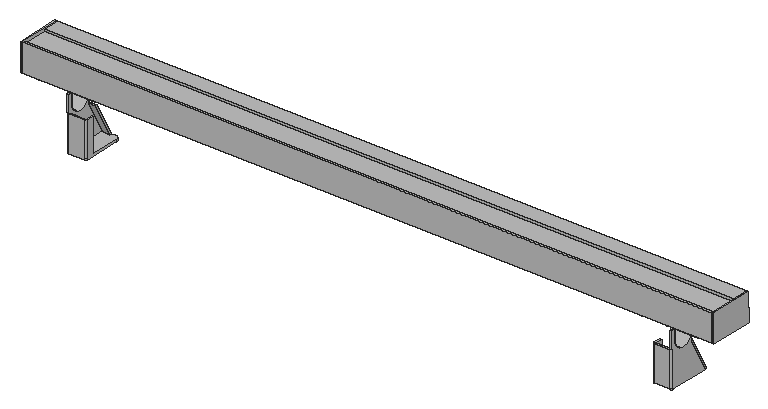
Revit family "4070758+4070747+4070771 Feilo Sylvania Lighting Fixtures CURSUS 876MM 620LM OVAL LED 3K with SINGLE WALL HOUSING with 70MM WALL BRACKET", category Lighting Fixtures, host Face, Revit 2017
Family settings
  Host = Face
  Round Connector Dimension = Use Diameter
  Part Type = Normal
  OmniClass Number = 23.80.70.14
  OmniClass Title = Luminaries for External Lighting
  Cut with Voids When Loaded = Yes
  Light Source = No
  Shared = No
  Room Calculation Point = No
Parameters (values of type "4070758 CURSUS 876MM 620LM OVAL LED 3K")
  Weight = "1.7 kg"
  Wattage Comments = "n/a"
  WarrantyStartDate [instance] = "n/a"
  WarrantyGuarantorParts = "n/a"
  WarrantyDurationUnit = "n/a"
  WarrantyDurationParts = "n/a"
  WarrantyDescription = "n/a"
  Voltage = 24 V
  URL = "http://www.sylvania-lighting.com"
  TypeName = "CURSUS 876MM 620LM OVAL LED 3K"
  TypeFixture_FEILO = CURSUS with SINGLE WALL HOUSING : CURSUS 876MM 620LM OVAL LED 3K
  Type Image = <None>
  Type Comments = "n/a"
  TiltAngle [instance] = 0.00°
  StartAngle [instance] = TiltAngle + 270.00°  # 270.00°
  SerialNumber [instance] = "n/a"
  ReflectorMaterial = none
  PowerFactor = 0
  PowerConsumption = "13.5 W"
  NominalLength = 876 mm
  NominalHeight = 50 mm
  NominalDepth = 30 mm
  Name = "CURSUS 876MM 620LM OVAL LED 3K"
  ModelReference = Name  # "CURSUS 876MM 620LM OVAL LED 3K"
  ModelNumber = "4070758"
  Model = Name  # "CURSUS 876MM 620LM OVAL LED 3K"
  Material = "natural anodised extruded aluminium structure housing, optical system with pmma lenses diffuser"
  ManufacturerName = "Feilo Sylvania"
  Manufacturer = "Feilo Sylvania"
  LuminousEfficacy = "45.92 lm/W"
  LuminaireType = ""
  LightOutputRatio = "100"
  LampsType = Lamp  # "LED"
  LampNominalLuminous = "620 lm"
  LampMacAdamStep = "n/a"
  LampColourTemperature = "3000 K"
  LampColourRenderingIndex = "80"
  Lamp = "LED"
  Keynote = "16500"
  InstallationDate [instance] = "n/a"
  InputVoltage = "24V DC"
  InputNominalFrequency = "50/60 Hz"
  IngressProtection = "IP67"
  ImpactProtectionIndex = "IK07"
  IfcExportType = "IfcLightFixtureType"
  IfcExportAs = "IfcLightFixtureType"
  ExpectedLife = 50000
  EndAngle [instance] = StartAngle - 180.00°  # 90.00°
  ElectricShockClassification = "Class III"
  DurationUnit = "hours"
  DocumentationLiterature = "http://www.sylvania-lighting.com/product/en-int/products/4070758"
  DimmingControlOptions = "n/a"
  DiffuserMaterial = Diffuser-Sylvania-Glow
  Description = "LED Exterior Lighting Recessed Surface Mounted Linear Fixture, Natural anodised extruded aluminium structure. Die-cast aluminium end caps. Installation kit with harmonic steel springs., 620 lm, 13,5W, 45lm/W, 3000K, CRI80+,non dimmable,IP67, IK07, (HxWxD) 876x50x30mm, 3 step Mac Adam Ellipse, 1.7kg,, Classe III, 21-25V-DC, energy class : A++, A+, A"
  Default Elevation = 1219.2 mm
  CreatedOn = "1/8/2018"
  CreatedBy = ""
  Cost = 0
  built-in parameter 1114216 [instance] = (empty or 0)
  ClassificationValue = "EF_70_80"
  ClassificationName = "Uniclass2015"
  BracketWidth = 24 mm
  BracketThickness = 2 mm
  BracketHeightEnd = 32 mm
  BracketHeight = 55 mm
  BracketFlange = BracketHeight / 5  # 11 mm
  BracketExtension = 70 mm
  BracketEndReduction = 25 mm
  BracketC = 22 mm  # constant formula
  BracketDistance = 745 mm
  BracketD = BracketHeightEnd - (BracketC * (BracketHeight - BracketHeightEnd) / (BracketExtension - BracketEndReduction))  # 20.756 mm
  BodyMaterial = Body-Sylvania-Gray
  BarCode [instance] = "n/a"
  AssetType = "Fixed"
  AssetIdentifier [instance] = "n/a"
  Assembly Code = "D5020200"
  Apparent Load = 13.5 VA
  AccessoryMaterial = Diffuser-Sylvania-Glow
Reference planes
  plane 1 "Center (Front/Back)": y = 0
  plane 2: z = 0
  plane 3 "Center (Left/Right)": x = 0
  plane 4: x = -384.5
  plane 5: x = 384.5
  plane 6: y = 55
  plane 7: x = -360.5
  plane 8: x = 360.5
  plane 9: z = 70
  plane 10: z = 56
  plane 11: z = 2
  plane 12: z = 45
  plane 13: x = -382.5
  plane 14: y = 53
  plane 15: y = 2
  plane 16: x = -362.5
  plane 17: x = 362.5
  plane 18: x = 382.5
  plane 19: x = -372.5
  plane 20: x = 372.5
  plane 21: y = 11
  plane 22: y = 32
  plane 23: y = 30
  plane 24: z = 67
  plane 25: y = 20.756
  plane 26: y = 16
Forms (mm)
  Blend 1, solid, material "Body-Sylvania-Gray" <- "BodyMaterial"
    base sketch origin (1223.4, -4572, 2) x (0, -1, 0) y (1, 0, 0)
      loop
        line (-4625, -1595.9) -> (-4627, -1595.9) -> (-4627, -1605.9)
        arc (-4627, -1605.9) -> (-4626.414, -1607.314) -> (-4625, -1607.9) r 2
        line (-4625, -1607.9) -> (-4574, -1607.9)
        arc (-4574, -1607.9) -> (-4572.586, -1607.314) -> (-4572, -1605.9) r 2
        line (-4572, -1605.9) -> (-4572, -1585.9)
        arc (-4572, -1585.9) -> (-4572.586, -1584.486) -> (-4574, -1583.9) r 2
        line (-4574, -1583.9) -> (-4583, -1583.9) -> (-4583, -1585.9) -> (-4574, -1585.9) -> (-4574, -1605.9) -> (-4625, -1605.9) -> (-4625, -1595.9)
    top sketch origin (1223.4, -4572, 2) x (0, -1, 0) y (1, 0, 0)
      loop
        line (-4583, -1585.9) -> (-4574, -1585.9) -> (-4574, -1605.9) -> (-4602, -1605.9) -> (-4602, -1595.9) -> (-4604, -1595.9) -> (-4604, -1605.9)
        arc (-4604, -1605.9) -> (-4603.52, -1607.21) -> (-4602.309, -1607.9) r 2.028
        line (-4602.309, -1607.9) -> (-4574, -1607.9)
        arc (-4574, -1607.9) -> (-4572.586, -1607.314) -> (-4572, -1605.9) r 2
        line (-4572, -1605.9) -> (-4572, -1585.9)
        arc (-4572, -1585.9) -> (-4572.586, -1584.486) -> (-4574, -1583.9) r 2
        line (-4574, -1583.9) -> (-4583, -1583.9) -> (-4583, -1585.9)
    from 0 to 43
  Extrusion 2, solid, material "Body-Sylvania-Gray" <- "BodyMaterial"
    sketch origin (0, 0, 0) x (1, 0, 0) y (0, 1, 0)
      loop
        arc (-382.5, 55) -> (-383.914, 54.414) -> (-384.5, 53) r 2
        line (-384.5, 53) -> (-384.5, 2)
        arc (-384.5, 2) -> (-383.914, 0.586) -> (-382.5, 0) r 2
        line (-382.5, 0) -> (-362.5, 0)
        arc (-362.5, 0) -> (-361.086, 0.586) -> (-360.5, 2) r 2
        line (-360.5, 2) -> (-360.5, 47.5)
        arc (-360.5, 47.5) -> (-362.697, 52.803) -> (-368, 55) r 7.5
        line (-368, 55) -> (-382.5, 55)
      loop
        line (382.5, 55) -> (368, 55)
        arc (368, 55) -> (362.697, 52.803) -> (360.5, 47.5) r 7.5
        line (360.5, 47.5) -> (360.5, 2)
        arc (360.5, 2) -> (361.086, 0.586) -> (362.5, 0) r 2
        line (362.5, 0) -> (382.5, 0)
        arc (382.5, 0) -> (383.914, 0.586) -> (384.5, 2) r 2
        line (384.5, 2) -> (384.5, 53)
        arc (384.5, 53) -> (383.914, 54.414) -> (382.5, 55) r 2
    from 0 to 2
  Blend 3, solid, material "Body-Sylvania-Gray" <- "BodyMaterial"
    base sketch origin (1223.4, -4572, 2) x (0, -1, 0) y (1, 0, 0)
      loop
        line (-4625, -840.9) -> (-4574, -840.9) -> (-4574, -860.9) -> (-4583, -860.9) -> (-4583, -862.9) -> (-4574, -862.9)
        arc (-4574, -862.9) -> (-4572.586, -862.314) -> (-4572, -860.9) r 2
        line (-4572, -860.9) -> (-4572, -840.9)
        arc (-4572, -840.9) -> (-4572.586, -839.486) -> (-4574, -838.9) r 2
        line (-4574, -838.9) -> (-4625, -838.9)
        arc (-4625, -838.9) -> (-4626.414, -839.486) -> (-4627, -840.9) r 2
        line (-4627, -840.9) -> (-4627, -850.9) -> (-4625, -850.9) -> (-4625, -840.9)
    top sketch origin (1223.4, -4572, 2) x (0, -1, 0) y (1, 0, 0)
      loop
        line (-4602, -850.9) -> (-4602, -840.9) -> (-4574, -840.9) -> (-4574, -860.9) -> (-4583, -860.9) -> (-4583, -862.9) -> (-4574, -862.9)
        arc (-4574, -862.9) -> (-4572.586, -862.314) -> (-4572, -860.9) r 2
        line (-4572, -860.9) -> (-4572, -840.9)
        arc (-4572, -840.9) -> (-4572.586, -839.486) -> (-4574, -838.9) r 2
        line (-4574, -838.9) -> (-4602, -838.9)
        arc (-4602, -838.9) -> (-4603.414, -839.486) -> (-4604, -840.9) r 2
        line (-4604, -840.9) -> (-4604, -850.9) -> (-4602, -850.9)
    from 0 to 43
  Blend 4, solid, material "Body-Sylvania-Gray" <- "BodyMaterial"
    base sketch origin (1223.4, -4572, 45) x (0, -1, 0) y (1, 0, 0)
      loop
        line (-4604, -1607.9) -> (-4572, -1607.9) -> (-4572, -1605.9) -> (-4604, -1605.9) -> (-4604, -1607.9)
    top sketch origin (1223.4, -4572, 45) x (0, -1, 0) y (1, 0, 0)
      loop
        line (-4572, -1607.9) -> (-4572, -1605.9) -> (-4592.756, -1605.9) -> (-4592.756, -1607.9) -> (-4572, -1607.9)
    from 0 to 22
  Blend 5, solid, material "Body-Sylvania-Gray" <- "BodyMaterial"
    base sketch origin (1223.4, -4572, 45) x (0, -1, 0) y (1, 0, 0)
      loop
        line (-4604, -840.9) -> (-4572, -840.9) -> (-4572, -838.9) -> (-4604, -838.9) -> (-4604, -840.9)
    top sketch origin (1223.4, -4572, 45) x (0, -1, 0) y (1, 0, 0)
      loop
        line (-4572, -838.9) -> (-4592.756, -838.9) -> (-4592.756, -840.9) -> (-4572, -840.9) -> (-4572, -838.9)
    from 0 to 22
  Extrusion 6, void
    sketch origin (0, 0, 0) x (0, 1, 0) y (0, 0, 1)
      loop
        line (0, 45) -> (2, 45) -> (2, 46.5) -> (0, 46.5) -> (0, 45)
      loop
        line (32, 45) -> (32, 46.5) -> (30, 46.5) -> (30, 45) -> (32, 45)
    from -384.5 to 384.5
  Revolve 7, solid, not visible
    sketch origin (1524, 16, 1219.2) x (1, 0, 0) y (0, 0, 1)
      loop
        line (-1524, -1152.2) -> (-1524, -1163.2) -> (-1151.5, -1163.2) -> (-1151.5, -1152.2) -> (-1524, -1152.2)
      axis (-1151.5, -1163.2) -> (-1524, -1163.2)
    angle from 270 <- "StartAngle" to 90 <- "EndAngle"
Cuts and joins
  Extrusion 6 cuts Blend 4
  Extrusion 6 cuts Blend 5
  joined: Blend 1, Extrusion 2, Blend 3, Blend 4, Blend 5
Lines and regions (mm)
  reference lines, not visible
    curve 1: line (-360.5, 16, 56) -> (360.5, 16, 56)
Dimensions and locks
  equal spacing: plane 4, plane 3 "Center (Left/Right)", plane 5
  "BracketDistance": plane 19 to plane 20
  "BracketHeight": plane 1 "Center (Front/Back)" to plane 6
  equal spacing: plane 7, plane 3 "Center (Left/Right)", plane 8
  "BracketWidth": plane 4 to plane 7
  "BracketExtension": plane 9 to plane 2
  "BracketThickness": plane 11 to plane 2
  "BracketEndReduction": plane 9 to plane 12
  equal spacing: plane 13, plane 3 "Center (Left/Right)", plane 18
  equal spacing: plane 16, plane 3 "Center (Left/Right)", plane 17
  "BracketThickness": plane 4 to plane 13
  "BracketThickness": plane 16 to plane 7
  "BracketThickness": plane 14 to plane 6
  "BracketThickness": plane 1 "Center (Front/Back)" to plane 15
  equal spacing: plane 4, plane 19, plane 7
  equal spacing: plane 8, plane 20, plane 5
  "BracketFlange": plane 1 "Center (Front/Back)" to plane 21
  "BracketHeightEnd": plane 1 "Center (Front/Back)" to plane 22
  "BracketThickness": plane 23 to plane 22
  locked: Extrusion 2 sketch curve to plane 7 at 7.5
  locked: Extrusion 2 sketch curve to plane 6 at 7.5  (x2)
  locked: plane 8 to Extrusion 2 sketch curve at 7.5
  "BracketC": plane 24 to plane 12
  "BracketD": plane 1 "Center (Front/Back)" to plane 25
  locked: plane 12 to Extrusion 6 sketch curve at 1.5
  equal spacing: plane 24, plane 10, plane 12
  equal spacing: plane 1 "Center (Front/Back)", plane 26, plane 22
  aligned and locked: plane 2 to host face
  aligned and locked: level to host face
  aligned and locked: plane 4 to Blend 1 sketch curve  (x2)
  aligned and locked: plane 13 to Blend 1 sketch curve  (x3)
  aligned and locked: Blend 1 sketch curve to plane 15
  aligned and locked: Blend 1 sketch curve to plane 16
  aligned and locked: Blend 1 sketch curve to plane 21
  aligned and locked: plane 7 to Blend 1 sketch curve
  aligned and locked: plane 16 to Blend 1 sketch curve
  aligned and locked: plane 1 "Center (Front/Back)" to Blend 1 sketch curve
  aligned and locked: plane 14 to Blend 1 sketch curve
  aligned and locked: Blend 1 sketch curve to var sketch  (x6)
  aligned and locked: Blend 1 sketch curve to plane 19
  aligned and locked: Blend 1 sketch curve to plane 22
  aligned and locked: plane 23 to Blend 1 sketch curve
  aligned and locked: plane 11 to Blend 1
  aligned and locked: Extrusion 2 sketch curve to Blend 1  (x3)
  aligned and locked: Extrusion 2 to level
  aligned and locked: Extrusion 2 to plane 11
  aligned and locked: Extrusion 2 sketch curve to plane 7
  aligned and locked: plane 18 to Blend 3 sketch curve  (x4)
  aligned and locked: plane 14 to Blend 3 sketch curve  (x2)
  aligned and locked: Blend 3 sketch curve to plane 20
  aligned and locked: Blend 3 sketch curve to plane 6
  aligned and locked: plane 5 to Blend 3 sketch curve
  aligned and locked: plane 1 "Center (Front/Back)" to Blend 3 sketch curve
  aligned and locked: plane 15 to Blend 3 sketch curve  (x2)
  aligned and locked: Blend 3 sketch curve to plane 8
  aligned and locked: Blend 3 sketch curve to plane 21
  aligned and locked: plane 17 to Blend 3 sketch curve
  aligned and locked: Blend 3 sketch curve to plane 18
  aligned and locked: plane 20 to Blend 3 sketch curve  (x2)
  aligned and locked: Blend 3 sketch curve to plane 23
  aligned and locked: Blend 3 sketch curve to var sketch  (x8)
  aligned and locked: var sketch to Blend 3 sketch curve
  aligned and locked: plane 22 to Blend 3 sketch curve
  aligned and locked: plane 11 to Blend 3
  aligned and locked: Extrusion 2 sketch curve to Blend 3  (x4)
  aligned and locked: Blend 1 to plane 12
  aligned and locked: Blend 3 to plane 12
  aligned and locked: Blend 4 sketch curve to plane 22
  aligned and locked: Blend 4 sketch curve to cut or joined group of Blend 1, Extrusion 2, Blend 3, Blend 4, Blend 5, Extrusion 6  (x2)
  aligned and locked: cut or joined group of Blend 1, Extrusion 2, Blend 3, Blend 4, Blend 5, Extrusion 6 to Blend 4 sketch curve
  aligned and locked: Blend 4 sketch curve to var sketch  (x2)
  aligned and locked: Blend 4 sketch curve to plane 13
  aligned and locked: Blend 4 to plane 24
  aligned and locked: Blend 4 sketch curve to plane 25
  aligned and locked: Blend 5 sketch curve to plane 18  (x2)
  aligned and locked: plane 1 "Center (Front/Back)" to Blend 5 sketch curve
  aligned and locked: plane 5 to Blend 5 sketch curve
  aligned and locked: plane 22 to Blend 5 sketch curve
  aligned and locked: Blend 5 sketch curve to var sketch
  aligned and locked: var sketch to Blend 5 sketch curve
  aligned and locked: Blend 5 sketch curve to plane 25
  aligned and locked: Blend 5 to plane 24
  aligned and locked: plane 12 to Blend 5
  aligned and locked: Extrusion 6 sketch curve to cut or joined group of Blend 1, Extrusion 2, Blend 3, Blend 4, Blend 5, Extrusion 6  (x2)
  aligned and locked: Extrusion 6 sketch curve to Extrusion 6 sketch curve
  aligned and locked: Extrusion 6 sketch curve to plane 15
  aligned and locked: plane 5 to Extrusion 6
  aligned and locked: Extrusion 6 to plane 4
  aligned and locked: Extrusion 6 sketch curve to plane 23
  aligned and locked: Revolve 7 sketch curve to plane 10  (x2)
  aligned and locked: plane 24 to Revolve 7 sketch curve
  aligned and locked: plane 3 "Center (Left/Right)" to Revolve 7 sketch curve
  aligned and locked: Revolve 7 sketch curve to plane 20
  aligned and locked: plane 7 to curve 1
  aligned and locked: plane 10 to curve 1
  aligned and locked: nested 1 to plane 5
  aligned and locked: nested 2 to plane 4
  aligned and locked: nested 1 to curve 1
  aligned and locked: nested 2 to curve 1
  aligned and locked: nested 1 to nested 3
  aligned and locked: nested 3 to plane 3 "Center (Left/Right)"
Automatic sketch dimensions
  host sketch curve to host sketch curve = 2438.4 mm  (x2)
  Blend 1 sketch curve to plane 13 = 0 mm
  plane 15 to Blend 1 sketch curve = 0 mm  (x3)
  Blend 1 sketch curve to plane 23 = 0.309 mm
  plane 6 to Blend 1 sketch curve = 0 mm
  plane 14 to Blend 1 sketch curve = 0 mm
  Blend 1 sketch curve to plane 19 = 0 mm
  Blend 3 sketch curve to plane 17 = 0 mm
  Extrusion 6 sketch curve to plane 1 "Center (Front/Back)" = 0 mm
  plane 12 to Extrusion 6 sketch curve = 0 mm
  Revolve 7 sketch curve to plane 4 = 1153 mm
  plane 5 to Revolve 7 sketch curve = 1161.4 mm
  curve 1 to plane 8 = 0 mm
Nested families
  nested 1: "MountingPlate" at (383.5, 16, 56) x (-1, 0, 0) z (0, 0, 1), type "MountingPlate"
  nested 2: "MountingPlate" at (-383.5, 16, 56) x (-1, 0, 0) z (0, 0, 1), type "MountingPlate"
  nested 3: "CURSUS with SINGLE WALL HOUSING" at (0, -4, 74) x (-1, 0, 0) z (0, 0, 1), type <- "TypeFixture_FEILO", type "CURSUS 876MM 620LM OVAL LED 3K"
    with WarrantyStartDate "n/a", SerialNumber "n/a", InstallationDate "n/a", EndCapRight yes, EndCapLeft yes, built-in parameter 1114216 (empty or 0), BarCode "n/a", AssetIdentifier "n/a"
Connectors
  electrical at (0, 0, 0), driven by "Voltage", driven by "Apparent Load", driven by "PowerFactor"
    settings: index 1, voltage 24 V, apparent load 13.5 VA, apparent load phase1 0 VA, apparent load phase2 0 VA, apparent load phase3 0 VA, power factor 0, load classification "Other", number of poles 1, system type 30, power factor state 1, is connector primary yes, connector utility no, sub classification motor no, connector description ""
Definition of nested family "MountingPlate"
  Parameters (values of type "MountingPlate")
    URL = "http://www.feilosylvania.com"
    Type Comments = "n/a"
    ReflectorMaterial = none
    MountingPlateWidth = 76 mm
    MountingPlateThickness = 2 mm
    MountingPlateRadiusBack = 12 mm
    MountingPlateRadius = 3 mm
    MountingPlateHeight = 35 mm
    Model = "n/a"
    Manufacturer = "Feilo Sylvania"
    Keynote = "n/a"
    DiffuserMaterial = none
    Description = "n/a"
    Default Elevation = 1219.2 mm
    Cost = 0
    BodyMaterial = none
    Assembly Code = "n/a"
    AccessoryMaterial = none
  Reference planes
    plane 1 "Center (Front/Back)": y = 0
    plane 2: z = 0
    plane 3 "Center (Left/Right)": x = 0
    plane 4: x = -38
    plane 5: x = 38
    plane 6: y = 17.5
    plane 7: y = -17.5
    plane 8: x = -3
    plane 9: x = 3
    plane 10: z = 18
    plane 11: z = 16
    plane 12: y = 12.5
    plane 13: y = -12.5
    plane 14: x = -1
    plane 15: x = 1
    plane 16: z = -12.5
    plane 17: z = -14.5
  Forms (mm)
    Extrusion 1, solid
      sketch origin (1.653, 0, 0) x (1, 0, 0) y (0, 1, 0)
        loop
          line (-1219.2, 1219.2) -> (-1219.2, -1219.2) -> (1219.2, -1219.2) -> (1219.2, 1219.2) -> (-1219.2, 1219.2)
      from 0 to -304.8
    Extrusion 2, solid, material <- "BodyMaterial"
      sketch origin (1218.4, -4572, 16) x (0, -1, 0) y (-1, 0, 0)
        loop
          line (-4589.5, 1253.4) -> (-4589.5, 1224.4)
          arc (-4589.5, 1224.4) -> (-4588.621, 1222.279) -> (-4586.5, 1221.4) r 3
          line (-4586.5, 1221.4) -> (-4557.5, 1221.4)
          arc (-4557.5, 1221.4) -> (-4555.379, 1222.279) -> (-4554.5, 1224.4) r 3
          line (-4554.5, 1224.4) -> (-4554.5, 1253.4)
          arc (-4554.5, 1253.4) -> (-4555.379, 1255.521) -> (-4557.5, 1256.4) r 3
          line (-4557.5, 1256.4) -> (-4586.5, 1256.4)
          arc (-4586.5, 1256.4) -> (-4588.621, 1255.521) -> (-4589.5, 1253.4) r 3
        loop
          arc (-4589.5, 1183.4) -> (-4588.621, 1181.279) -> (-4586.5, 1180.4) r 3
          line (-4586.5, 1180.4) -> (-4557.5, 1180.4)
          arc (-4557.5, 1180.4) -> (-4555.379, 1181.279) -> (-4554.5, 1183.4) r 3
          line (-4554.5, 1183.4) -> (-4554.5, 1212.4)
          arc (-4554.5, 1212.4) -> (-4555.379, 1214.521) -> (-4557.5, 1215.4) r 3
          line (-4557.5, 1215.4) -> (-4586.5, 1215.4)
          arc (-4586.5, 1215.4) -> (-4588.621, 1214.521) -> (-4589.5, 1212.4) r 3
          line (-4589.5, 1212.4) -> (-4589.5, 1183.4)
      from 0 to -2
    Extrusion 3, solid, material <- "BodyMaterial"
      sketch origin (0, 0, 0) x (1, 0, 0) y (0, 0, 1)
        loop
          line (-3, 18) -> (-3, -12.5) -> (-1, -12.5) -> (-1, 16)
          arc (-1, 16) -> (-1.586, 17.414) -> (-3, 18) r 2
        loop
          line (3, -12.5) -> (3, 18)
          arc (3, 18) -> (1.586, 17.414) -> (1, 16) r 2
          line (1, 16) -> (1, -12.5) -> (3, -12.5)
      from -12.5 to 12.5
    Extrusion 4, void
      sketch origin (0, 0, 0) x (0, 1, 0) y (0, 0, 1)
        loop
          line (-12.5, -0.5) -> (-17.5, -0.5) -> (-17.5, -14.5) -> (-0.5, -14.5) -> (-0.5, -12.5)
          arc (-0.5, -12.5) -> (-8.985, -8.985) -> (-12.5, -0.5) r 12
        loop
          line (0.5, -12.5) -> (0.5, -14.5) -> (17.5, -14.5) -> (17.5, -0.5) -> (12.5, -0.5)
          arc (12.5, -0.5) -> (8.985, -8.985) -> (0.5, -12.5) r 12
      from -3 to 3
  Cuts and joins
    Extrusion 4 cuts Extrusion 2
    Extrusion 4 cuts Extrusion 3
    joined: Extrusion 2, Extrusion 3
  Lines and regions (mm)
    reference lines
      curve 1: line (-38, 0, 0) -> (38, 0, 0)
  Dimensions and locks
    equal spacing: plane 4, plane 3 "Center (Left/Right)", plane 5
    "MountingPlateWidth": plane 4 to plane 5
    equal spacing: plane 7, plane 1 "Center (Front/Back)", plane 6
    "MountingPlateHeight": plane 7 to plane 6
    equal spacing: plane 8, plane 3 "Center (Left/Right)", plane 9
    "MountingPlateHeight": plane 4 to plane 8
    locked: plane 10 to plane 2 at 18
    "MountingPlateThickness": plane 10 to plane 11
    equal spacing: plane 13, plane 1 "Center (Front/Back)", plane 12
    locked: plane 13 to plane 12 at 25
    "MountingPlateRadius": plane 4 to Extrusion 2 sketch curve  (x2)
    "MountingPlateRadius": Extrusion 2 sketch curve to plane 6  (x4)
    "MountingPlateRadius": Extrusion 2 sketch curve to plane 8  (x2)
    "MountingPlateRadius": plane 7 to Extrusion 2 sketch curve  (x4)
    "MountingPlateRadius": plane 9 to Extrusion 2 sketch curve  (x2)
    "MountingPlateRadius": Extrusion 2 sketch curve to plane 5  (x2)
    equal spacing: plane 15, plane 3 "Center (Left/Right)", plane 14
    "MountingPlateThickness": plane 14 to plane 8
    locked: plane 2 to plane 16 at 12.5
    locked: plane 17 to plane 16 at 2
    "MountingPlateRadiusBack": plane 13 to Extrusion 4 sketch curve
    "MountingPlateRadiusBack": plane 16 to Extrusion 4 sketch curve  (x2)
    "MountingPlateRadiusBack": Extrusion 4 sketch curve to plane 12
    aligned and locked: plane 2 to Extrusion 1
    aligned and locked: level to Extrusion 1
    aligned and locked: Extrusion 2 sketch curve to plane 6
    aligned and locked: Extrusion 2 sketch curve to plane 4
    aligned and locked: plane 7 to Extrusion 2 sketch curve
    aligned and locked: plane 8 to Extrusion 2 sketch curve
    aligned and locked: plane 6 to Extrusion 2 sketch curve
    aligned and locked: Extrusion 2 sketch curve to plane 5
    aligned and locked: Extrusion 2 sketch curve to plane 7
    aligned and locked: plane 9 to Extrusion 2 sketch curve
    aligned and locked: Extrusion 2 to plane 10
    aligned and locked: plane 11 to Extrusion 2
    aligned and locked: Extrusion 3 sketch curve to Extrusion 2  (x2)
    aligned and locked: plane 16 to Extrusion 3 sketch curve  (x2)
    aligned and locked: plane 14 to Extrusion 3 sketch curve
    aligned and locked: plane 9 to Extrusion 3 sketch curve
    aligned and locked: plane 15 to Extrusion 3 sketch curve
    aligned and locked: Extrusion 3 to plane 12
    aligned and locked: plane 13 to Extrusion 3
    aligned and locked: plane 17 to Extrusion 4 sketch curve  (x2)
    aligned and locked: Extrusion 4 sketch curve to plane 7
    aligned and locked: Extrusion 4 sketch curve to plane 6
    aligned and locked: plane 9 to Extrusion 4
    aligned and locked: Extrusion 4 to plane 8
    aligned and locked: plane 4 to curve 1
    aligned and locked: curve 1 to level
  Automatic sketch dimensions
    Extrusion 1 sketch curve to Extrusion 1 sketch curve = 2438.4 mm  (x2)
    Extrusion 3 sketch curve to plane 11 = 0 mm
    curve 1 to plane 5 = 0 mm
    Extrusion 4 sketch curve to plane 13 = 0 mm
    Extrusion 4 sketch curve to plane 12 = 0 mm
Definition of nested family "CURSUS with SINGLE WALL HOUSING"
  Parameters (values of type "CURSUS 1161MM 827LM OVAL LED 3K")
    Width_FEILO = 35 mm
    Weight = "2.2 kg"
    Wattage Comments = "n/a"
    Wattage = 18 W
    WarrantyStartDate [instance] = "n/a"
    WarrantyGuarantorParts = "n/a"
    WarrantyDurationUnit = "n/a"
    WarrantyDurationParts = "n/a"
    WarrantyDescription = "n/a"
    WallThickness_FEILO = 2.5 mm
    built-in parameter 1150110 = 1 (stored number, unit not read)
    Voltage = 24 V
    URL = "http://www.feilosylvania.com"
    TypeName = "CURSUS 1161MM 827LM OVAL LED 3K"
    Type Image = (empty or 0)
    Type Comments = "n/a"
    built-in parameter 1114217 = 1 (stored number, unit not read)
    Tilt Angle = -90.00°
    built-in parameter 1150109 = 1 (stored number, unit not read)
    built-in parameter 1150134 = (empty or 0)
    built-in parameter 1150113 = 1 (stored number, unit not read)
    SerialNumber [instance] = "n/a"
    ReflectorMaterial = none
    PowerFactor = 0
    PowerConsumption = "18 W"
    Photometric Web File = "4070765.ies"
    NominalLength = 1161 mm
    NominalHeight = 50 mm
    NominalDepth = 30 mm
    Name = "CURSUS 1161MM 827LM OVAL LED 3K"
    ModelReference = Name  # "CURSUS 1161MM 827LM OVAL LED 3K"
    ModelNumber = ""
    Model = Name  # "CURSUS 1161MM 827LM OVAL LED 3K"
    Material = "natural anodised extruded aluminium structure housing, optical system with pmma lenses diffuser"
    ManufacturerName = "Feilo Sylvania"
    Manufacturer = "Feilo Sylvania"
    LuminousEfficacy = "45.94 lm/W"
    built-in parameter 1150105 = 1166.5 (stored number, unit not read)
    Lumens = 827 lm
    LuminaireType = ""
    built-in parameter 1150115 = 1 (stored number, unit not read)
    LightOutputRatio = "100"
    built-in parameter 1150137 = (empty or 0)
    built-in parameter 1150139 = (empty or 0)
    Length_FEILO = 1167 mm
    LampsType = Lamp  # "LED"
    LampNominalLuminous = "827 lm"
    LampMacAdamStep = "n/a"
    LampColourTemperature = "3000 K"
    LampColourRenderingIndex = "80"
    built-in parameter 1150112 = 1 (stored number, unit not read)
    built-in parameter 1150114 = 1 (stored number, unit not read)
    Lamp = "LED"
    Keynote = "16500"
    InstallationDate [instance] = "n/a"
    InputVoltage = "24V DC"
    InputNominalFrequency = "n/a"
    built-in parameter 1150132 = (empty or 0)
    built-in parameter 1150102 = (empty or 0)
    built-in parameter 1150107 = 3000 (stored number, unit not read)
    built-in parameter 1150138 = (empty or 0)
    IngressProtection = "IP67"
    ImpactProtectionIndex = "IK07"
    built-in parameter 1150106 = 11.665 (stored number, unit not read)
    IfcExportType = "IfcLightFixtureType"
    IfcExportAs = "IfcLightFixtureType"
    ExpectedLife = 50000
    EndCapRight [instance] = yes
    EndCapLeft [instance] = yes
    Emit from Rectangle Width = Width_FEILO - WallThickness_FEILO * 2  # 30 mm
    Emit from Rectangle Length = Length_FEILO - WallThickness_FEILO * 2  # 1162 mm
    Emit Shape Visible in Rendering = no
    ElectricShockClassification = "Class III"
    built-in parameter 1150104 = 4.2684 (stored number, unit not read)
    DurationUnit = "hours"
    DocumentationLiterature = "http://www.feilosylvania.com/product/en-int/products/4070765"
    DimmingControlOptions = "n/a"
    Dimming Lamp Color Temperature Shift = (empty or 0)
    DiffuserMaterial = none
    Description = "LED Exterior Lighting Recessed Surface Mounted Linear Fixture, Natural anodised extruded aluminium structure. Die-cast aluminium end caps. Installation kit with harmonic steel springs., 827 lm, 18W, 45lm/W, 3000K, CRI80+,non dimmable,IP67, IK07, (HxWxD) 1161x50x30mm, 3 step Mac Adam Ellipse, 2.2kg,, Classe III, 21-25V-DC, energy class : A++, A+, A"
    Default Elevation = 1219.2 mm
    CreatedOn = "1/8/2018"
    CreatedBy = "aron.fodor@feilosylvania.com"
    Cost = 0
    Color Filter = 16777215
    built-in parameter 1114216 [instance] = (empty or 0)
    ClassificationValue = "EF_70_80"
    ClassificationName = "Uniclass2015"
    BodyMaterial = none
    BarCode [instance] = "n/a"
    built-in parameter 1114218 = 1 (stored number, unit not read)
    built-in parameter 1150133 = 10 (stored number, unit not read)
    AssetType = "Fixed"
    AssetIdentifier [instance] = "n/a"
    Assembly Code = "D5020200"
    Apparent Load = 18 VA
    AccessoryMaterial = none
  Types (16, lengths in mm): name | Weight | Wattage | Voltage | TypeName | built-in parameter 1150134 | PowerConsumption | Photometric Web File | NominalLength | Name | ModelReference | Model | Material | LuminousEfficacy | built-in parameter 1150105 | Lumens | Length_FEILO | LampNominalLuminous | LampColourTemperature | InputVoltage | InputNominalFrequency | built-in parameter 1150107 | built-in parameter 1150106 | Emit from Rectangle Length | built-in parameter 1150104 | DocumentationLiterature | Description | Apparent Load
    CURSUS 1161MM 827LM OVAL LED 3K | "2.2 kg" | 18 W | 24 V | "CURSUS 1161MM 827LM OVAL LED 3K" | (empty or 0) | "18 W" | "4070765.ies" | 1161 | "CURSUS 1161MM 827LM OVAL LED 3K" | "CURSUS 1161MM 827LM OVAL LED 3K" | "CURSUS 1161MM 827LM OVAL LED 3K" | "natural anodised extruded aluminium structure housing, optical system with pmma lenses diffuser" | "45.94 lm/W" | 1166.5 (stored number, unit not read) | 827 lm | 1167 | "827 lm" | "3000 K" | "24V DC" | "n/a" | 3000 (stored number, unit not read) | 11.665 (stored number, unit not read) | 1162 | 4.2684 (stored number, unit not read) | "http://www.feilosylvania.com/product/en-int/products/4070765" | "LED Exterior Lighting Recessed Surface Mounted Linear Fixture, Natural anodised extruded aluminium structure. Die-cast aluminium end caps. Installation kit with harmonic steel springs., 827 lm, 18W, 45lm/W, 3000K, CRI80+,non dimmable,IP67, IK07, (HxWxD) 1161x50x30mm, 3 step Mac Adam Ellipse, 2.2kg,, Classe III, 21-25V-DC, energy class : A++, A+, A" | 18 VA
    CURSUS 1161MM 731LM WIDE LED 3K | "2.2 kg" | 18 W | 230 V | "CURSUS 1161MM 731LM WIDE LED 3K" | (empty or 0) | "18 W" | "4070764.ies" | 1161 | "CURSUS 1161MM 731LM WIDE LED 3K" | "CURSUS 1161MM 731LM WIDE LED 3K" | "CURSUS 1161MM 731LM WIDE LED 3K" | "natural anodised extruded aluminium structure housing" | "40.61 lm/W" | 403.47 (stored number, unit not read) | 731 lm | 1167 | "731 lm" | "3000 K" | "220-240V~" | "n/a" | 3000 (stored number, unit not read) | 4.0347 (stored number, unit not read) | 1162 | 3.7729 (stored number, unit not read) | "http://www.feilosylvania.com/product/en-int/products/4070764" | "LED Exterior Lighting Recessed Surface Mounted Linear Fixture, Natural anodised extruded aluminium structure. Die-cast aluminium end caps. Installation kit with harmonic steel springs., 731 lm, 18W, 40lm/W, 3000K, CRI80+,non dimmable,IP67, IK07, (HxWxD) 1161x50x30mm, 3 step Mac Adam Ellipse, 2.2kg,, Classe III, 21-25V-DC, energy class : A++, A+, A" | 18 VA
    CURSUS 1161MM 871LM OVAL LED 4K | "2.2 kg" | 18 W | 24 V | "CURSUS 1161MM 871LM OVAL LED 4K" | 12 | "18 W" | "4070763.ies" | 1161 | "CURSUS 1161MM 871LM OVAL LED 4K" | "CURSUS 1161MM 871LM OVAL LED 4K" | "CURSUS 1161MM 871LM OVAL LED 4K" | "natural anodised extruded aluminium structure housing, optical system with pmma lenses diffuser" | "48.38 lm/W" | 1192.8 (stored number, unit not read) | 871 lm | 1167 | "871 lm" | "4000 K" | "24V DC" | "50/60 Hz" | 4000 (stored number, unit not read) | 11.928 (stored number, unit not read) | 1162 | 4.4955 (stored number, unit not read) | "http://www.feilosylvania.com/product/en-int/products/4070763" | "LED Exterior Lighting Recessed Surface Mounted Linear Fixture, Natural anodised extruded aluminium structure. Die-cast aluminium end caps. Installation kit with harmonic steel springs., 871 lm, 18W,  48lm/W, 4000K, CRI80+,non dimmable,IP67, IK07, (HxWxD) 1161x50x30mm, 3 step Mac Adam Ellipse, 2.2kg,, Classe III, 21-25V-DC, energy class : A++, A+, A" | 18 VA
    CURSUS 1161MM 770LM WIDE LED 4K | "2.2 kg" | 18 W | 230 V | "CURSUS 1161MM 770LM WIDE LED 4K" | 12 | "18 W" | "4070762.ies" | 1161 | "CURSUS 1161MM 770LM WIDE LED 4K" | "CURSUS 1161MM 770LM WIDE LED 4K" | "CURSUS 1161MM 770LM WIDE LED 4K" | "natural anodised extruded aluminium structure housing" | "42.77 lm/W" | 424.94 (stored number, unit not read) | 770 lm | 1167 | "770 lm" | "4000 K" | "220-240V~" | "n/a" | 4000 (stored number, unit not read) | 4.2494 (stored number, unit not read) | 1162 | 3.9742 (stored number, unit not read) | "http://www.feilosylvania.com/product/en-int/products/4070762" | "LED Exterior Lighting Recessed Surface Mounted Linear Fixture, Natural anodised extruded aluminium structure. Die-cast aluminium end caps. Installation kit with harmonic steel springs., 770 lm, 18W,  42lm/W, 4000K, CRI80+,non dimmable,IP67, IK07, (HxWxD) 1161x50x30mm, 3 step Mac Adam Ellipse, 2.2kg,, Classe III, 21-25V-DC, energy class : A++, A+, A" | 18 VA
    CURSUS 876MM 620LM OVAL LED 3K | "1.7 kg" | 13.5 W | 24 V | "CURSUS 876MM 620LM OVAL LED 3K" | (empty or 0) | "13.5 W" | "4070758.ies" | 876 | "CURSUS 876MM 620LM OVAL LED 3K" | "CURSUS 876MM 620LM OVAL LED 3K" | "CURSUS 876MM 620LM OVAL LED 3K" | "natural anodised extruded aluminium structure housing, optical system with pmma lenses diffuser" | "45.92 lm/W" | 874.55 (stored number, unit not read) | 620 lm | 882 | "620 lm" | "3000 K" | "24V DC" | "50/60 Hz" | 3000 (stored number, unit not read) | 8.7455 (stored number, unit not read) | 877 | 4.2667 (stored number, unit not read) | "http://www.feilosylvania.com/product/en-int/products/4070758" | "LED Exterior Lighting Recessed Surface Mounted Linear Fixture, Natural anodised extruded aluminium structure. Die-cast aluminium end caps. Installation kit with harmonic steel springs., 620 lm, 13,5W, 45lm/W, 3000K, CRI80+,non dimmable,IP67, IK07, (HxWxD) 876x50x30mm, 3 step Mac Adam Ellipse, 1.7kg,, Classe III, 21-25V-DC, energy class : A++, A+, A" | 13.5 VA
    CURSUS 876MM 548LM WIDE LED 3K | "1.7 kg" | 13.5 W | 24 V | "CURSUS 876MM 548LM WIDE LED 3K" | (empty or 0) | "13.5 W" | "4070757.ies" | 876 | "CURSUS 876MM 548LM WIDE LED 3K" | "CURSUS 876MM 548LM WIDE LED 3K" | "CURSUS 876MM 548LM WIDE LED 3K" | "natural anodised extruded aluminium structure housing" | "40.59 lm/W" | 302.47 (stored number, unit not read) | 548 lm | 882 | "548 lm" | "3000 K" | "24V DC" | "n/a" | 3000 (stored number, unit not read) | 3.0247 (stored number, unit not read) | 877 | 3.7712 (stored number, unit not read) | "http://www.feilosylvania.com/product/en-int/products/4070757" | "LED Exterior Lighting Recessed Surface Mounted Linear Fixture, Natural anodised extruded aluminium structure. Die-cast aluminium end caps. Installation kit with harmonic steel springs., 548 lm, 13,5W, 40lm/W, 3000K, CRI80+,non dimmable,IP67, IK07, (HxWxD) 876x50x30mm, 3 step Mac Adam Ellipse, 1.7kg,, Classe III, 21-25V-DC, energy class : A++, A+, A" | 13.5 VA
    CURSUS 876MM 653LM OVAL LED 4K | "1.7 kg" | 13.5 W | 24 V | "CURSUS 876MM 653LM OVAL LED 4K" | 12 | "13.5 W" | "4070756.ies" | 876 | "CURSUS 876MM 653LM OVAL LED 4K" | "CURSUS 876MM 653LM OVAL LED 4K" | "CURSUS 876MM 653LM OVAL LED 4K" | "natural anodised extruded aluminium structure housing, optical system with pmma lenses diffuser" | "48.37 lm/W" | 894.28 (stored number, unit not read) | 653 lm | 882 | "653 lm" | "4000 K" | "24V DC" | "n/a" | 4000 (stored number, unit not read) | 8.9428 (stored number, unit not read) | 877 | 4.4938 (stored number, unit not read) | "http://www.feilosylvania.com/product/en-int/products/4070756" | "LED Exterior Lighting Recessed Surface Mounted Linear Fixture, Natural anodised extruded aluminium structure. Die-cast aluminium end caps. Installation kit with harmonic steel springs., 653 lm, 13,5W,  48lm/W, 4000K, CRI80+,non dimmable,IP67, IK07, (HxWxD) 876x50x30mm, 3 step Mac Adam Ellipse, 1.7kg,, Classe III, 21-25V-DC, energy class : A++, A+, A" | 13.5 VA
    CURSUS 876MM 577LM WIDE LED 4K | "1.7 kg" | 13.5 W | 24 V | "CURSUS 876MM 577LM WIDE LED 4K" | 12 | "13.5 W" | "4070755.ies" | 876 | "CURSUS 876MM 577LM WIDE LED 4K" | "CURSUS 876MM 577LM WIDE LED 4K" | "CURSUS 876MM 577LM WIDE LED 4K" | "natural anodised extruded aluminium structure housing" | "42.74 lm/W" | 318.43 (stored number, unit not read) | 577 lm | 882 | "577 lm" | "4000 K" | "24V DC" | "n/a" | 4000 (stored number, unit not read) | 3.1843 (stored number, unit not read) | 877 | 3.9707 (stored number, unit not read) | "http://www.feilosylvania.com/product/en-int/products/4070755" | "LED Exterior Lighting Recessed Surface Mounted Linear Fixture, Natural anodised extruded aluminium structure. Die-cast aluminium end caps. Installation kit with harmonic steel springs., 577 lm, 13,5W,  42lm/W, 4000K, CRI80+,non dimmable,IP67, IK07, (HxWxD) 876x50x30mm, 3 step Mac Adam Ellipse, 1.7kg,, Classe III, 21-25V-DC, energy class : A++, A+, A" | 13.5 VA
    CURSUS 591MM 414LM OVAL LED 3K | "1.2 kg" | 9 W | 24 V | "CURSUS 591MM 414LM OVAL LED 3K" | (empty or 0) | "9 W" | "4070751.ies" | 591 | "CURSUS 591MM 414LM OVAL LED 3K" | "CURSUS 591MM 414LM OVAL LED 3K" | "CURSUS 591MM 414LM OVAL LED 3K" | "natural anodised extruded aluminium structure housing, optical system with pmma lenses diffuser" | "46 lm/W" | 583.97 (stored number, unit not read) | 414 lm | 597 | "414 lm" | "3000 K" | "24V DC" | "n/a" | 3000 (stored number, unit not read) | 5.8397 (stored number, unit not read) | 592 | 4.2735 (stored number, unit not read) | "http://www.feilosylvania.com/product/en-int/products/4070751" | "LED Exterior Lighting Recessed Surface Mounted Linear Fixture, Natural anodised extruded aluminium structure. Die-cast aluminium end caps. Installation kit with harmonic steel springs., 414 lm, 9W, 46lm/W, 3000K, CRI80+,non dimmable,IP67, IK07, (HxWxD) 591x50x30mm, 3 step Mac Adam Ellipse, 1.2kg,, Classe III, 21-25V-DC, energy class : A++, A+, A" | 9 VA
    CURSUS 591MM 365LM WIDE LED 3K | "1.2 kg" | 9 W | 24 V | "CURSUS 591MM 365LM WIDE LED 3K" | (empty or 0) | "9 W" | "4070750.ies" | 591 | "CURSUS 591MM 365LM WIDE LED 3K" | "CURSUS 591MM 365LM WIDE LED 3K" | "CURSUS 591MM 365LM WIDE LED 3K" | "natural anodised extruded aluminium structure housing" | "40.55 lm/W" | 201.45 (stored number, unit not read) | 365 lm | 597 | "365 lm" | "3000 K" | "24V DC" | "n/a" | 3000 (stored number, unit not read) | 2.0145 (stored number, unit not read) | 592 | 3.7677 (stored number, unit not read) | "http://www.feilosylvania.com/product/en-int/products/4070750" | "LED Exterior Lighting Recessed Surface Mounted Linear Fixture, Natural anodised extruded aluminium structure. Die-cast aluminium end caps. Installation kit with harmonic steel springs., 365 lm, 9W, 40lm/W, 3000K, CRI80+,non dimmable,IP67, IK07, (HxWxD) 591x50x30mm, 3 step Mac Adam Ellipse, 1.2kg,, Classe III, 21-25V-DC, energy class : A++, A+, A" | 9 VA
    CURSUS 591MM 435LM OVAL LED 4K | "1.2 kg" | 9 W | 24 V | "CURSUS 591MM 435LM OVAL LED 4K" | 12 | "9 W" | "4070749.ies" | 591 | "CURSUS 591MM 435LM OVAL LED 4K" | "CURSUS 591MM 435LM OVAL LED 4K" | "CURSUS 591MM 435LM OVAL LED 4K" | "natural anodised extruded aluminium structure housing, optical system with pmma lenses diffuser" | "48.33 lm/W" | 595.73 (stored number, unit not read) | 435 lm | 597 | "435 lm" | "4000 K" | "24V DC" | "n/a" | 4000 (stored number, unit not read) | 5.9573 (stored number, unit not read) | 592 | 4.4903 (stored number, unit not read) | "http://www.feilosylvania.com/product/en-int/products/4070749" | "LED Exterior Lighting Recessed Surface Mounted Linear Fixture, Natural anodised extruded aluminium structure. Die-cast aluminium end caps. Installation kit with harmonic steel springs., 435 lm, 9W, 48lm/W, 4000K, CRI80+,non dimmable,IP67, IK07, (HxWxD) 591x50x30mm, 3 step Mac Adam Ellipse, 1.2kg,, Classe III, 21-25V-DC, energy class : A++, A+, A" | 9 VA
    CURSUS 591MM 385LM WIDE LED 4K | "1.2 kg" | 9 W | 24 V | "CURSUS 591MM 385LM WIDE LED 4K" | 12 | "9 W" | "4070748.ies" | 591 | "CURSUS 591MM 385LM WIDE LED 4K" | "CURSUS 591MM 385LM WIDE LED 4K" | "CURSUS 591MM 385LM WIDE LED 4K" | "natural anodised extruded aluminium structure housing" | "42.77 lm/W" | 212.47 (stored number, unit not read) | 385 lm | 597 | "385 lm" | "4000 K" | "24V DC" | "n/a" | 4000 (stored number, unit not read) | 2.1247 (stored number, unit not read) | 592 | 3.9742 (stored number, unit not read) | "http://www.feilosylvania.com/product/en-int/products/4070748" | "LED Exterior Lighting Recessed Surface Mounted Linear Fixture, Natural anodised extruded aluminium structure. Die-cast aluminium end caps. Installation kit with harmonic steel springs., 385 lm, 9W,  42lm/W, 4000K, CRI80+,non dimmable,IP67, IK07, (HxWxD) 591x50x30mm, 3 step Mac Adam Ellipse, 1.2kg,, Classe III, 21-25V-DC, energy class : A++, A+, A" | 9 VA
    CURSUS 306MM 207LM OVAL LED3K | "0.6 kg" | 4.5 W | 24 V | "CURSUS 306MM 207LM OVAL LED3K" | (empty or 0) | "4.5 W" | "4070744.ies" | 306 | "CURSUS 306MM 207LM OVAL LED3K" | "CURSUS 306MM 207LM OVAL LED3K" | "CURSUS 306MM 207LM OVAL LED3K" | "natural anodised extruded aluminium structure housing, optical system with pmma lenses diffuser" | "46 lm/W" | 291.98 (stored number, unit not read) | 207 lm | 312 | "207 lm" | "3000 K" | "24V DC" | "n/a" | 3000 (stored number, unit not read) | 2.9198 (stored number, unit not read) | 307 | 4.2735 (stored number, unit not read) | "http://www.feilosylvania.com/product/en-int/products/4070744" | "LED Exterior Lighting Recessed Surface Mounted Linear Fixture, Natural anodised extruded aluminium structure. Die-cast aluminium end caps. Installation kit with harmonic steel springs., 207 lm, 4,5W, 46lm/W, 3000K, CRI80+,non dimmable,IP67, IK07, (HxWxD) 306x50x30mm, 3 step Mac Adam Ellipse, 0.6kg,, Classe III, 21-25V-DC, energy class : A++, A+, A" | 4.5 VA
    CURSUS 306MM 183LM WIDE LED 3K | "0.6 kg" | 4.5 W | 24 V | "CURSUS 306MM 183LM WIDE LED 3K" | (empty or 0) | "4.5 W" | "4070743.ies" | 306 | "CURSUS 306MM 183LM WIDE LED 3K" | "CURSUS 306MM 183LM WIDE LED 3K" | "CURSUS 306MM 183LM WIDE LED 3K" | "natural anodised extruded aluminium structure housing" | "40.66 lm/W" | 101.01 (stored number, unit not read) | 183 lm | 312 | "183 lm" | "3000 K" | "24V DC" | "n/a" | 3000 (stored number, unit not read) | 1.0101 (stored number, unit not read) | 307 | 3.7781 (stored number, unit not read) | "http://www.feilosylvania.com/product/en-int/products/4070743" | "LED Exterior Lighting Recessed Surface Mounted Linear Fixture, Natural anodised extruded aluminium structure. Die-cast aluminium end caps. Installation kit with harmonic steel springs., 183 lm, 4,5W, 40lm/W, 3000K, CRI80+,non dimmable,IP67, IK07, (HxWxD) 306x50x30mm, 3 step Mac Adam Ellipse, 0.6kg,, Classe III, 21-25V-DC, energy class : A++, A+, A" | 4.5 VA
    CURSUS 306MM 218LM OVAL LED 4K | "0.6 kg" | 4.5 W | 24 V | "CURSUS 306MM 218LM OVAL LED 4K" | 12 | "4.5 W" | "4070742.ies" | 306 | "CURSUS 306MM 218LM OVAL LED 4K" | "CURSUS 306MM 218LM OVAL LED 4K" | "CURSUS 306MM 218LM OVAL LED 4K" | "natural anodised extruded aluminium structure housing, optical system with pmma lenses diffuser" | "48.44 lm/W" | 298.55 (stored number, unit not read) | 218 lm | 312 | "218 lm" | "4000 K" | "24V DC" | "n/a" | 4000 (stored number, unit not read) | 2.9855 (stored number, unit not read) | 307 | 4.5006 (stored number, unit not read) | "http://www.feilosylvania.com/product/en-int/products/4070742" | "LED Exterior Lighting Recessed Surface Mounted Linear Fixture, Natural anodised extruded aluminium structure. Die-cast aluminium end caps. Installation kit with harmonic steel springs., 218 lm, 4,5W,  48lm/W, 4000K, CRI80+,non dimmable,IP67, IK07, (HxWxD) 306x50x30mm, 3 step Mac Adam Ellipse, 0.6kg,, Classe III, 21-25V-DC, energy class : A++, A+, A" | 4.5 VA
    CURSUS 306MM 192LM WIDE LED 4K | "0.6 kg" | 4.5 W | 24 V | "CURSUS 306MM 192LM WIDE LED 4K" | 12 | "4.5 W" | "4070741.ies" | 306 | "CURSUS 306MM 192LM WIDE LED 4K" | "CURSUS 306MM 192LM WIDE LED 4K" | "CURSUS 306MM 192LM WIDE LED 4K" | "natural anodised extruded aluminium structure housing" | "42.66 lm/W" | 105.96 (stored number, unit not read) | 192 lm | 312 | "192 lm" | "4000 K" | "24V DC" | "n/a" | 4000 (stored number, unit not read) | 1.0596 (stored number, unit not read) | 307 | 3.9639 (stored number, unit not read) | "http://www.feilosylvania.com/product/en-int/products/4070741" | "LED Exterior Lighting Recessed Surface Mounted Linear Fixture, Natural anodised extruded aluminium structure. Die-cast aluminium end caps. Installation kit with harmonic steel springs., 192 lm, 4,5W,  42lm/W, 4000K, CRI80+,non dimmable,IP67, IK07, (HxWxD) 306x50x30mm, 3 step Mac Adam Ellipse, 0.6kg,, Classe III, 21-25V-DC, energy class : A++, A+, A" | 4.5 VA
  Reference planes
    plane 1 "Center (Front/Back)": y = 0
    plane 2: z = 0
    plane 3 "Center (Left/Right)": x = 0
    plane 4: x = 583.5
    plane 5: x = -583.5
    plane 6: x = -581
    plane 7: x = 581
    plane 8: z = 35
    plane 9: z = 17.5
    plane 10: z = 32.5
    plane 11: z = 2.5
    plane 12: z = 30
    plane 13: z = 5
    plane 14: y = -55
    plane 15: y = -53
    plane 16: y = -2.5
    plane 17: y = -37
    plane 18: y = -34.5
  Forms (mm)
    Extrusion 1, solid
      sketch origin (4.2, 0, 0) x (1, 0, 0) y (0, 1, 0)
        loop
          line (-1219.2, 1219.2) -> (-1219.2, -1219.2) -> (1219.2, -1219.2) -> (1219.2, 1219.2) -> (-1219.2, 1219.2)
      from 0 to -304.8
    Extrusion 2, solid, material <- "BodyMaterial"
      sketch origin (0, 0, 0) x (0, 1, 0) y (0, 0, 1)
        loop
          line (0, 35) -> (-2.5, 35) -> (-2.5, 32.5) -> (-34.5, 32.5) -> (-34.5, 35) -> (-55, 35) -> (-55, 32.5) -> (-37, 32.5) -> (-37, 30) -> (-2.5, 30) -> (-2.5, 5) -> (-37, 5) -> (-37, 2.5) -> (-55, 2.5) -> (-55, 0) -> (-34.5, 0) -> (-34.5, 2.5) -> (-2.5, 2.5) -> (-2.5, 0) -> (0, 0) -> (0, 35)
      from -581 to 581
    Extrusion 3, solid, material <- "DiffuserMaterial"
      sketch origin (0, 0, 0) x (0, 1, 0) y (0, 0, 1)
        loop
          line (-37, 32.5) -> (-55, 32.5) -> (-55, 19.5) -> (-53, 17.5) -> (-55, 15.5) -> (-55, 2.5) -> (-37, 2.5) -> (-37, 32.5)
      from -581 to 581
    Extrusion 4, solid, material <- "BodyMaterial", visible <- "EndCapRight"
      sketch origin (581, 1524, 1219.2) x (0, 1, 0) y (0, 0, 1)
        loop
          line (-1579, -1184.2) -> (-1579, -1219.2) -> (-1524, -1219.2) -> (-1524, -1184.2) -> (-1579, -1184.2)
      from 0 to 2.5
    Extrusion 5, solid, material <- "BodyMaterial", visible <- "EndCapLeft"
      sketch origin (-581, 1524, 1219.2) x (0, 1, 0) y (0, 0, 1)
        loop
          line (-1579, -1184.2) -> (-1579, -1219.2) -> (-1524, -1219.2) -> (-1524, -1184.2) -> (-1579, -1184.2)
      from -2.5 to 0
  Dimensions and locks
    equal spacing: plane 5, plane 3 "Center (Left/Right)", plane 4
    "Length_FEILO": plane 5 to plane 4
    equal spacing: plane 6, plane 3 "Center (Left/Right)", plane 7
    "WallThickness_FEILO": plane 5 to plane 6
    locked: plane 9 to plane 2 at 17.5
    locked: plane 8 to plane 2 at 35
    equal spacing: plane 11, plane 9, plane 10
    equal spacing: plane 13, plane 9, plane 12
    "WallThickness_FEILO": plane 12 to plane 10
    locked: plane 14 to plane 15 at 2
    locked: plane 14 to plane 17 at 18
    "WallThickness_FEILO": plane 17 to plane 18
    "WallThickness_FEILO": plane 16 to plane 1 "Center (Front/Back)"
    locked: plane 15 to Extrusion 3 sketch curve (angle 45.00°)
    locked: Extrusion 3 sketch curve to plane 15 (angle 45.00°)
    aligned and locked: plane 2 to Extrusion 1
    aligned and locked: level to Extrusion 1
    aligned and locked: plane 1 "Center (Front/Back)" to Extrusion 2 sketch curve
    aligned and locked: Extrusion 2 sketch curve to plane 8  (x2)
    aligned and locked: plane 16 to Extrusion 2 sketch curve
    aligned and locked: Extrusion 1 to Extrusion 2 sketch curve
    aligned and locked: Extrusion 2 sketch curve to plane 16  (x2)
    aligned and locked: Extrusion 2 sketch curve to plane 11
    aligned and locked: plane 18 to Extrusion 2 sketch curve
    aligned and locked: level to Extrusion 2 sketch curve
    aligned and locked: plane 11 to Extrusion 2 sketch curve
    aligned and locked: Extrusion 2 sketch curve to plane 17
    aligned and locked: plane 13 to Extrusion 2 sketch curve
    aligned and locked: Extrusion 2 sketch curve to plane 12
    aligned and locked: plane 10 to Extrusion 2 sketch curve  (x2)
    aligned and locked: plane 17 to Extrusion 2 sketch curve  (x2)
    aligned and locked: plane 12 to Extrusion 2 sketch curve
    aligned and locked: Extrusion 2 sketch curve to plane 10
    aligned and locked: Extrusion 2 sketch curve to plane 18
    aligned and locked: plane 7 to Extrusion 2
    aligned and locked: Extrusion 2 to plane 6
    aligned and locked: Extrusion 3 sketch curve to Extrusion 2  (x4)
    aligned and locked: Extrusion 2 to Extrusion 3 sketch curve
    aligned and locked: plane 9 to Extrusion 3 sketch curve
    aligned and locked: plane 7 to Extrusion 3
    aligned and locked: Extrusion 3 to plane 6
    aligned and locked: Extrusion 4 sketch curve to Extrusion 2  (x4)
    aligned and locked: plane 4 to Extrusion 4
    aligned and locked: Extrusion 4 to plane 7
    aligned and locked: Extrusion 5 sketch curve to Extrusion 4  (x3)
    aligned and locked: Extrusion 5 sketch curve to Extrusion 2
    aligned and locked: Extrusion 5 to plane 5
    aligned and locked: plane 6 to Extrusion 5
    aligned and locked: plane 14 to imposter light
    aligned and locked: imposter light to plane 9
    aligned and locked: plane 3 "Center (Left/Right)" to imposter light
  Automatic sketch dimensions
    Extrusion 1 sketch curve to Extrusion 1 sketch curve = 2438.4 mm  (x2)
    Extrusion 2 sketch curve to plane 14 = 0 mm  (x2)
    Extrusion 3 sketch curve to plane 15 = 0 mm
  Connectors
    electrical at (0, 0, 0), driven by "Apparent Load", driven by "PowerFactor", driven by "Voltage"
      settings: index 1, voltage 24 V, apparent load 18 VA, apparent load phase1 0 VA, apparent load phase2 0 VA, apparent load phase3 0 VA, power factor 0, load classification none, number of poles 1, system type 30, power factor state 1, is connector primary yes, connector utility no, sub classification motor no, connector description ""
